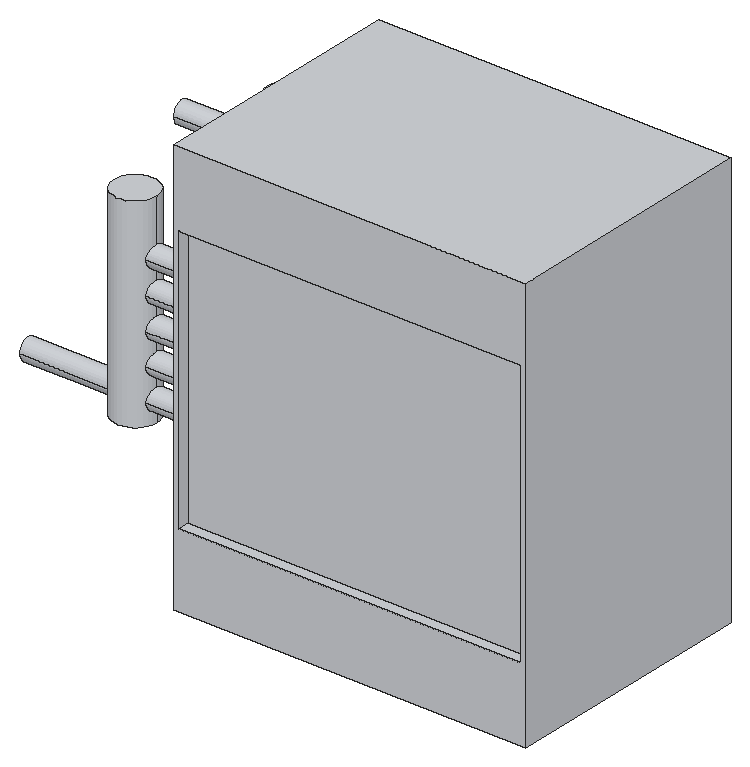
Revit family "facdfda74f4c4d969389559ec111b8d5", category Mechanical Equipment, Revit 2021
Family settings
  Round Connector Dimension = Use Radius
  Part Type = Normal
  OmniClass Number = 23.75.35.14
  OmniClass Title = Air Handling Units
  Seek Item ID = AHU Coil - Refrigerant - Indoor-0000-USA-ENU
  Work Plane-Based = No
  Always vertical = Yes
  Cut with Voids When Loaded = No
  Shared = No
  Room Calculation Point = No
Parameters (values of type "3 Square Feet")
  Water Pressure Drop [instance] = 5.775 psi
  Height 2 = 0' - 6"
  Height 1 = 0' - 8"
  Duct Width = 32"
  Duct Height = 25"
  Drain Radius = 1"
  Default Elevation = 0' - 0"
  Air Flow [instance] = 1667 CFM
  Radius 2 = Water Radius + 0' 1"  # 0' - 2"
  Radius 1 = Radius 2 / 2  # 0' - 1"
  Duct Width 3 = Coil Length * 0.1  # 0' - 3.3"
  Duct Width 1 = Coil Length * 0.08  # 0' - 2.64"
  Coil Height = 39"
  Coil Length = 33"
  Drain Flow [instance] = 0 GPM
  Coil Width = 2' - 0"
  Coil Material = none
  Water Radius = 1"
  Water Flow [instance] = 19 GPM
  Water Diameter = Water Radius * 2  # 2"
  Air Pressure Drop [instance] = 0.77 in-wg
Types (17): name | Water Pressure Drop | Height 2 | Height 1 | Duct Width | Duct Height | Air Flow | Radius 2 | Radius 1 | Duct Width 3 | Duct Width 1 | Coil Height | Coil Length | Water Radius | Water Flow | Water Diameter
  (no name) | 5.775 psi | 0' - 6" | 0' - 8" | 32" | 25" | 1667 CFM | 0' - 2" | 0' - 1" | 0' - 3.3" | 0' - 2.64" | 39" | 33" | 1" | 19 GPM | 2"
  3 Square Feet | 5.775 psi | 0' - 6" | 0' - 8" | 32" | 25" | 1667 CFM | 0' - 2" | 0' - 1" | 0' - 3.3" | 0' - 2.64" | 39" | 33" | 1" | 19 GPM | 2"
  6 Square Feet | 2.887 psi | 0' - 6" | 0' - 8" | 44" | 28" | 2833 CFM | 0' - 2" | 0' - 1" | 0' - 4.6" | 0' - 3.68" | 39" | 46" | 1" | 43 GPM | 2"
  8 Square Feet | 3.609 psi | 1' - 0" | 1' - 5" | 48" | 32" | 3750 CFM | 0' - 2" | 0' - 1" | 0' - 5.4" | 0' - 4.32" | 42" | 54" | 1" | 62 GPM | 2"
  10 Square Feet | 5.414 psi | 1' - 0" | 1' - 5" | 60" | 34" | 4875 CFM | 0' - 2" | 0' - 1" | 0' - 6.7" | 0' - 5.36" | 42" | 67" | 1" | 78 GPM | 2"
  12 Square Feet | 6.136 psi | 1' - 0" | 1' - 5" | 64" | 38" | 5958 CFM | 0' - 2" | 0' - 1" | 0' - 6.7" | 0' - 5.36" | 49" | 67" | 1" | 92 GPM | 2"
  14 Square Feet | 6.136 psi | 1' - 0" | 1' - 5" | 68" | 40" | 6760 CFM | 0' - 2" | 0' - 1" | 0' - 7.2" | 0' - 5.76" | 49" | 72" | 1" | 114 GPM | 2"
  17 Square Feet | 7.94 psi | 1' - 0" | 1' - 5" | 74" | 44" | 8125 CFM | 0' - 2" | 0' - 1" | 0' - 7.9" | 0' - 6.32" | 52" | 79" | 1" | 132 GPM | 2"
  21 Square Feet | 8.662 psi | 1' - 0" | 1' - 5" | 76" | 50" | 10156 CFM | 0' - 2" | 0' - 1" | 0' - 7.9" | 0' - 6.32" | 62" | 79" | 1" | 163 GPM | 2"
  25 Square Feet | 10.827 psi | 1' - 0" | 1' - 5" | 78" | 56" | 11563 CFM | 0' - 2 1/4" | 0' - 1 1/8" | 0' - 8.6" | 0' - 6.88" | 62" | 86" | 1 1/4" | 187 GPM | 2 1/2"
  30 Square Feet | 5.414 psi | 1' - 0" | 1' - 5" | 92" | 56" | 14375 CFM | 0' - 2 1/4" | 0' - 1 1/8" | 0' - 10.4" | 0' - 8.32" | 62" | 104" | 1 1/4" | 195 GPM | 2 1/2"
  35 Square Feet | 5.414 psi | 1' - 0" | 1' - 5" | 96" | 52" | 18000 CFM | 0' - 2 1/4" | 0' - 1 1/8" | 0' - 10.9" | 0' - 8.72" | 73" | 109" | 1 1/4" | 216 GPM | 2 1/2"
  40 Square Feet | 6.496 psi | 1' - 0" | 1' - 5" | 110" | 62" | 20000 CFM | 0' - 2 1/4" | 0' - 1 1/8" | 0' - 11.1" | 0' - 8.88" | 79" | 111" | 1 1/4" | 252 GPM | 2 1/2"
  50 Square Feet | 8.301 psi | 1' - 0" | 1' - 5" | 120" | 74" | 24917 CFM | 0' - 2 1/4" | 0' - 1 1/8" | 1' - 0.1" | 0' - 9.68" | 89" | 121" | 1 1/4" | 303 GPM | 2 1/2"
  66 Square Feet | 8.301 psi | 1' - 0" | 1' - 5" | 138" | 92" | 30333 CFM | 0' - 2 1/4" | 0' - 1 1/8" | 1' - 2.1" | 0' - 11.28" | 104" | 141" | 1 1/4" | 285 GPM | 2 1/2"
  80 Square Feet | 10.827 psi | 1' - 0" | 1' - 5" | 138" | 110" | 47091 CFM | 0' - 2 1/4" | 0' - 1 1/8" | 1' - 2.1" | 0' - 11.28" | 113" | 141" | 1 1/4" | 415 GPM | 2 1/2"
  100 Square Feet | 10.827 psi | 1' - 0" | 1' - 5" | 152" | 120" | 52977 CFM | 0' - 2 1/4" | 0' - 1 1/8" | 1' - 3 1/2" | 1' - 0.4" | 123" | 155" | 1 1/4" | 510 GPM | 2 1/2"
Reference planes (in)
  plane 1 "Center (Front/Back)": y = 0
  plane 2: z = 0
  plane 3 "Center (Left/Right)": x = 0
  plane 4: x = -16.5
  plane 5: x = 16.5
  plane 6: y = 12
  plane 7: y = 24
  plane 8: y = 23
  plane 9: y = 21
  plane 10: y = 1
  plane 11: y = 3
  plane 12: z = 39
  plane 13: z = 32
  plane 14: z = 7
  plane 15: x = 16
  plane 16: x = -16
  plane 17: x = -20.5
  plane 18: x = -22.5
  plane 19: x = -24.5
  plane 20: x = -32.5
  plane 21: z = 13
  plane 22: z = 6.5
  plane 23: z = 15
  plane 24: z = 18
  plane 25: z = 21
  plane 26: z = 24
  plane 27: z = 27
  plane 28: z = 19.5
Forms (in)
  Extrusion 1, solid, material <- "Coil Material"
    sketch origin (0, 0, 0) x (1, 0, 0) y (0, 0, 1)
      loop
        line (-16.5, 39) -> (-16.5, 0) -> (16.5, 0) -> (16.5, 39) -> (-16.5, 39)
    from -24 to 0
  Extrusion 2, void
    sketch origin (0, 0, 0) x (1, 0, 0) y (0, 1, 0)
      loop
        line (-16, 24) -> (-16, 23) -> (16, 23) -> (16, 24) -> (-16, 24)
      loop
        line (-16, 1) -> (-16, 0) -> (16, 0) -> (16, 1) -> (-16, 1)
    from 32 to 7
  Extrusion 3, solid, material <- "Coil Material"
    sketch origin (0, 0, 0) x (0, 1, 0) y (0, 0, 1)
      loop
        circle (12, 6.5) r 1
    from -20.5 to -16.5
  Extrusion 4, solid, material <- "Coil Material"
    sketch origin (0, 0, 0) x (0, 1, 0) y (0, 0, 1)
      loop
        circle (21, 27) r 1
      loop
        circle (21, 24) r 1
      loop
        circle (21, 21) r 1
      loop
        circle (21, 18) r 1
      loop
        circle (21, 15) r 1
      loop
        circle (3, 27) r 1
      loop
        circle (3, 24) r 1
      loop
        circle (3, 21) r 1
      loop
        circle (3, 18) r 1
      loop
        circle (3, 15) r 1
    from -22.5 to -16.5
  Extrusion 5, solid, material <- "Coil Material"
    sketch origin (0, 0, 0) x (1, 0, 0) y (0, 1, 0)
      loop
        circle (-22.5, 21) r 2
      loop
        circle (-22.5, 3) r 2
    from 13 to 32
  Extrusion 6, solid, material <- "Coil Material"
    sketch origin (0, 0, 0) x (0, 1, 0) y (0, 0, 1)
      loop
        circle (21, 27) r 1
      loop
        circle (3, 15) r 1
    from -32.5 to -22.5
Cuts and joins
  Extrusion 2 cuts Extrusion 1
  joined: Extrusion 1, Extrusion 3, Extrusion 4, Extrusion 5, Extrusion 6
Dimensions and locks (in)
  equal spacing: plane 7, plane 6, plane 1 "Center (Front/Back)"
  "Coil Width": plane 7 to plane 1 "Center (Front/Back)"
  equal spacing: plane 4, plane 3 "Center (Left/Right)", plane 5
  "Coil Length": plane 4 to plane 5
  locked: plane 7 to plane 8 at 1
  "Radius 2": plane 8 to plane 9
  locked: plane 1 "Center (Front/Back)" to plane 10 at 1
  "Radius 2": plane 11 to plane 10
  "Coil Height": plane 12 to plane 2
  locked: plane 4 to plane 17 at 4
  "Radius 2": plane 17 to plane 18
  "Radius 2": plane 18 to plane 19
  locked: plane 19 to plane 20 at 8
  "Height 2": plane 21 to plane 14
  equal spacing: plane 21, plane 22, plane 2
  "Height 1": plane 23 to plane 14
  equal spacing: plane 27, plane 26, plane 25, plane 24, plane 23
  locked: plane 13 to plane 27 at 5
  equal spacing: plane 16, plane 3 "Center (Left/Right)", plane 15
  "Duct Width": plane 16 to plane 15
  equal spacing: plane 12, plane 28, plane 2
  equal spacing: plane 13, plane 28, plane 14
  "Duct Height": plane 13 to plane 14
  "Drain Radius": radius of Extrusion 3 sketch curve
  "Water Radius": radius of Extrusion 4 sketch curve  (x10)
  "Radius 2": radius of Extrusion 5 sketch curve  (x2)
  "Water Radius": radius of Extrusion 6 sketch curve  (x2)
  aligned and locked: plane 4 to Extrusion 1 sketch curve
  aligned and locked: Extrusion 1 sketch curve to plane 12
  aligned and locked: plane 2 to Extrusion 1 sketch curve
  aligned and locked: plane 5 to Extrusion 1 sketch curve
  aligned and locked: plane 7 to Extrusion 1
  aligned and locked: plane 1 "Center (Front/Back)" to Extrusion 1
  aligned and locked: plane 16 to Extrusion 2 sketch curve
  aligned and locked: Extrusion 2 sketch curve to plane 7
  aligned and locked: plane 8 to Extrusion 2 sketch curve
  aligned and locked: Extrusion 2 sketch curve to plane 15
  aligned and locked: Extrusion 2 sketch curve to plane 10
  aligned and locked: plane 1 "Center (Front/Back)" to Extrusion 2 sketch curve
  aligned and locked: plane 13 to Extrusion 2
  aligned and locked: Extrusion 2 to plane 14
  aligned and locked: plane 6 to Extrusion 3 sketch curve
  aligned and locked: plane 22 to Extrusion 3 sketch curve
  aligned and locked: plane 9 to Extrusion 4 sketch curve  (x5)
  aligned and locked: plane 27 to Extrusion 4 sketch curve  (x2)
  aligned and locked: plane 26 to Extrusion 4 sketch curve  (x2)
  aligned and locked: plane 25 to Extrusion 4 sketch curve  (x2)
  aligned and locked: plane 24 to Extrusion 4 sketch curve  (x2)
  aligned and locked: plane 23 to Extrusion 4 sketch curve  (x2)
  aligned and locked: plane 11 to Extrusion 4 sketch curve  (x5)
  aligned and locked: plane 4 to Extrusion 4
  aligned and locked: Extrusion 3 to plane 17
  aligned and locked: plane 4 to Extrusion 3
  aligned and locked: plane 18 to Extrusion 5 sketch curve  (x2)
  aligned and locked: plane 11 to Extrusion 5 sketch curve
  aligned and locked: plane 9 to Extrusion 5 sketch curve
  aligned and locked: plane 13 to Extrusion 5
  aligned and locked: Extrusion 5 to plane 21
  aligned and locked: Extrusion 4 to plane 18
  aligned and locked: plane 11 to Extrusion 6 sketch curve
  aligned and locked: plane 23 to Extrusion 6 sketch curve
  aligned and locked: plane 9 to Extrusion 6 sketch curve
  aligned and locked: plane 27 to Extrusion 6 sketch curve
  aligned and locked: Extrusion 6 to plane 20
  aligned and locked: plane 18 to Extrusion 6
Automatic sketch dimensions
  Extrusion 2 sketch curve to plane 16 = 0' - 0"
  Extrusion 2 sketch curve to plane 15 = 0' - 0"
  Extrusion 2 sketch curve to plane 1 "Center (Front/Back)" = 0' - 0"
Connectors (in)
  hvac at (0, 0, 19.5), driven by "Air Flow", driven by "Duct Height", driven by "Duct Width"
    settings: on cut or joined group of Extrusion 1, Extrusion 2, Extrusion 3, Extrusion 4, Extrusion 5, Extrusion 6, index 1, duct flow 1667 CFM, flow factor 0, pres drop 0.00 in-wg, loss coef 0, conn angle 0.00°, conn width 32", conn height 25", conn diameter 24", duct sys type 1, conn prof type 1, flow config 0, flow direction 0, loss method 4, conn ref index 2, conn util no, is conn primary yes, conn desc ""
  hvac at (0, 24, 19.5), driven by "Air Pressure Drop", driven by "Air Flow", driven by "Duct Height", driven by "Duct Width"
    settings: on cut or joined group of Extrusion 1, Extrusion 2, Extrusion 3, Extrusion 4, Extrusion 5, Extrusion 6, index 2, duct flow 1667 CFM, flow factor 0, pres drop 0.77 in-wg, loss coef 0, conn angle 0.00°, conn width 32", conn height 25", conn diameter 24", duct sys type 1, conn prof type 1, flow config 0, flow direction 0, loss method 4, conn ref index 1, conn util no, is conn primary no, conn desc ""
  piping at (-32.5, 21, 27), diameter 2, driven by "Water Flow", driven by "Water Pressure Drop", driven by "Water Radius"
    settings: on cut or joined group of Extrusion 1, Extrusion 2, Extrusion 3, Extrusion 4, Extrusion 5, Extrusion 6, index 3, connector inside diameter 2", connector length 0' - 0", flow factor 0, pipe flow 19 GPM, pressure drop 5.775 psi, fitting loss kfactor 0, connector angle 0.00°, fixture units 0, engagement length 0' - 0", angle of deflection 0.00°, flow configuration 1, flow direction 2, fitting loss method 4, system type 8, joint type 0, gender type 0, connector reference index 4, connector utility 0, adjustable connector no, is connector primary yes, connector description "Water Out"
  piping at (-32.5, 3, 15), diameter 2, driven by "Water Radius", driven by "Water Flow"
    settings: on cut or joined group of Extrusion 1, Extrusion 2, Extrusion 3, Extrusion 4, Extrusion 5, Extrusion 6, index 4, connector inside diameter 2", connector length 0' - 0", flow factor 0, pipe flow 19 GPM, pressure drop 0.00 psi, fitting loss kfactor 0, connector angle 0.00°, fixture units 0, engagement length 0' - 0", angle of deflection 0.00°, flow configuration 1, flow direction 1, fitting loss method 4, system type 7, joint type 0, gender type 0, connector reference index 3, connector utility 0, adjustable connector no, is connector primary no, connector description "Water In"
  piping at (-20.5, 12, 6.5), diameter 2, driven by "Drain Radius", driven by "Drain Flow"
    settings: on cut or joined group of Extrusion 1, Extrusion 2, Extrusion 3, Extrusion 4, Extrusion 5, Extrusion 6, index 5, connector inside diameter 2", connector length 0' - 0", flow factor 0, pipe flow 0 GPM, pressure drop 0.00 psi, fitting loss kfactor 0, connector angle 0.00°, fixture units 0, engagement length 0' - 0", angle of deflection 0.00°, flow configuration 1, flow direction 2, fitting loss method 0, system type 16, joint type 0, gender type 0, connector reference index -1, connector utility 0, adjustable connector no, is connector primary no, connector description "Drain Out"
